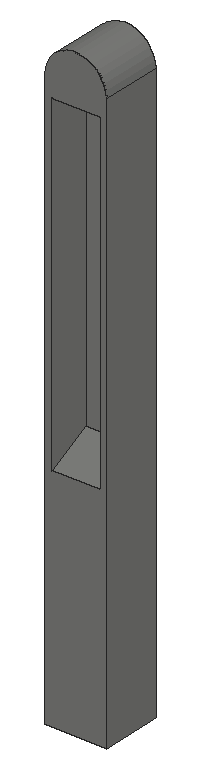
Revit family "Pilona Grey", category Furniture, Revit 2020
Family settings
  OmniClass Number = 23.40.20.00
  OmniClass Title = General Furniture and Specialties
  Work Plane-Based = No
  Always vertical = Yes
  Cut with Voids When Loaded = No
  Shared = No
  Room Calculation Point = No
Parameters (values of type "Pilona Grey-H221-1000mm")
  URL_Producto = "https://www.benito.com/es/mobiliario-urbano/bolardos-pilonas/grey--H221.html"
  Referencia = "H221"
  Pilona Grey-H221M-1-1005mm = no
  Pilona Grey-H221-1000mm = yes
  Material = Acero Ferrus
  Ficha_Tecnica = "https://www.benito.com/es/download/data-sheet-H221"
  Fabricante = "BENITO URBAN SL"
  Description = "Pilona en forma de vigueta de acero Grey-100 con tratamiento Ferrus, proceso protector del hierro que garantiza una óptima resistencia a la\r\ncorrosión."
  Default Elevation = 0.000 m
  B = 1.000 m
  A = 0.100 m
Reference planes (m)
  plane 1 "Center (Front/Back)": y = 0
  plane 2: z = 0
  plane 3 "Center (Left/Right)": x = 0
  plane 4: z = 1
  plane 5: z = 0.95
Dimensions and locks (m)
  aligned and locked: level to plane 2
Nested families (m)
  nested 1: "Pilona Grey-H221-1000mm" at (0, 0, 0), visible <- "Pilona Grey-H221-1000mm", type "Pilona Grey-H221-1000mm"
Definition of nested family "Pilona Grey-H221-1000mm"
  Parameters
    Default Elevation = 0.000 m
  Reference planes (m)
    plane 1 "Center (Front/Back)": y = 0
    plane 2: z = 0
    plane 3 "Center (Left/Right)": x = 0
    plane 4: z = 1
    plane 5: z = 0.3
    plane 6: x = -0.05
    plane 7: x = 0.05
    plane 8: y = -0.05
    plane 9: y = 0.05
    plane 10: z = 0.35
    plane 11: z = 0.92
    plane 12: z = 0.41
  Forms (m)
    Extrusion 1, solid
      sketch origin (0, 0.05, 0) x (1, 0, 0) y (0, 0, 1)
        loop
          line (-0.05, 0.95) -> (-0.05, 0) -> (0.05, 0) -> (0.05, 0.95)
          arc (0.05, 0.95) -> (0, 1) -> (-0.05, 0.95) r 0.05
      from 0 to 0.1
    Extrusion 2, void
      sketch origin (0, 0, 0) x (0, 1, 0) y (0, 0, 1)
        loop
          line (0.019242, 0.920251) -> (-0.095758, 0.920251) -> (-0.095758, 0.35) -> (0.019242, 0.41) -> (0.019242, 0.920251)
      from -0.039504 to 0.040301
  Cuts and joins
    Extrusion 2 cuts Extrusion 1
  Dimensions and locks (m)
    plane 4 to level = 1.000 m
    plane 6 to plane 7 = 0.100 m
    plane 9 to plane 8 = 0.100 m
    aligned and locked: level to plane 2
